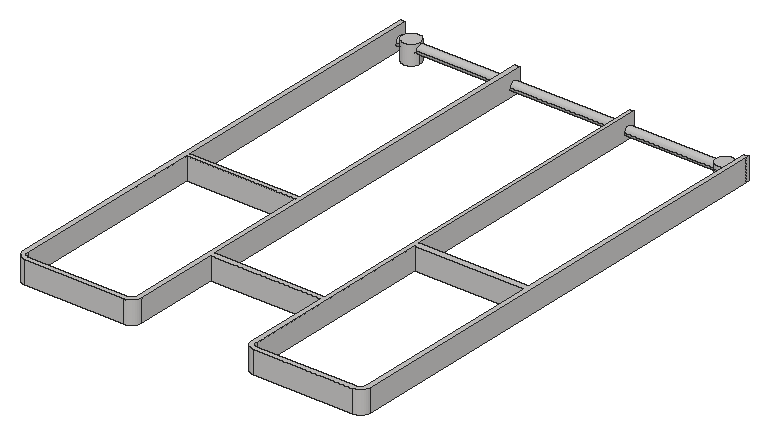
Revit family "PRD_AR_JntrlUnits_SiriusHingedGrate_ZSIRX001", category Plumbing Fixtures, Revit 2018
Family settings
  Round Connector Dimension = Use Diameter
  Part Type = Normal
  OmniClass Number = 23.45.05.00
  OmniClass Title = Sanitary Equipment
  Work Plane-Based = No
  Always vertical = No
  Cut with Voids When Loaded = No
  Shared = Yes
  Room Calculation Point = No
Parameters (values of type "ZSIRX001")
  WarrantyStartDate [instance] = "1900-12-31T23:59:59"
  WarrantyGuarantorParts = "n/a"
  WarrantyGuarantorLabor = "n/a"
  WarrantyDurationUnit = "year"
  WarrantyDurationParts = "n/a"
  WarrantyDurationLabor = "n/a"
  WarrantyDescription = "n/a"
  Version = "1"
  Uniclass2015Version = "Products v1.5"
  Uniclass2015Title = "Janitorial sinks"
  Uniclass2015Code = "Pr_40_20_96_44"
  URL = "www.kwc.com"
  TagNumber [instance] = "n/a"
  SustainabilityPerformance = "n/a"
  Style = "Hinged grate"
  Size = "25 x 310 x 430 mm"
  Shape = "n/a"
  SerialNumber [instance] = "n/a"
  Revision = "n/a"
  ReplacementCost = "n/a"
  ProductInformation = "https://pim.kwc.com/product/2000102678/attachment/datasheet?locale=en"
  NominalWidth = 0 mm
  NominalLength = 430 mm
  NominalHeight = 0 mm
  NominalDepth = 310 mm
  NetWeight = 1.60 kg
  Name = "Sirius hinged grate ZSIRX001"
  NBSTypeID = "n/a"
  NBSReference = "45-35-70/401"
  NBSOfficeMasterTag = "n/a"
  NBSNote = "n/a"
  NBSDescription = "Janitorial units"
  NBSCertification = "n/a"
  ModelReference = "ZSIRX001"
  ModelNumber = "2000102678"
  Model = ModelReference  # "ZSIRX001"
  Material = "stainless steel 1.4301"
  ManufacturerURL = "www.kwc.com"
  ManufacturerName = "KWC Group AG"  # constant formula
  Manufacturer = ManufacturerName  # "KWC Group AG"
  MainColor = "stainless steel"
  InstallationDate [instance] = "1900-12-31T23:59:59"
  IfcExportType = "NOTDEFINED"
  IfcExportAs = "IfcFurnitureType"
  GrossWeight = 4.00 kg
  GrateMaterial = PRD_AR_StainlessSteel_SatinFinished
  Grade = "n/a"
  Finish = "satin finished"
  Features = "stainless steel, 4.00 mm, satin finished, bolt mounting, 25x310x430 mm (WxHxD)"
  ExpectedLife = "n/a"
  DurationUnit = "year"
  Description = "Hinged grate (unfixed) of stainless steel to BS313, BS314, LTJ450 and CA210."
  Constituents = "n/a"
  Color = "stainless steel"
  CodePerformance = "n/a"
  Category = "Pr_40_20_96_44, Janitorial sinks"
  BarCode [instance] = "n/a"
  BIMObjectName = "PRD_AR_JanitorialUnits_SiriusHingedGrate_ZSIRX001"
  Author = "Archispace"  # constant formula
  AssetType = "Fixed"
  AssetIdentifier [instance] = "n/a"
  AccessibilityPerformance = "n/a"
Reference planes
  plane 1 "Center (Front/Back)": y = 0
  plane 2: z = 0
  plane 3 "Center (Left/Right)": x = 0
Forms (mm)
  Extrusion 1, solid, material "PRD_AR_StainlessSteel_SatinFinished" <- "GrateMaterial"
    sketch origin (0, 0, 0) x (1, 0, 0) y (0, 1, 0)
      loop
        arc (-155, -414) -> (-152.364, -420.364) -> (-146, -423) r 9
        line (-146, -423) -> (-58, -423)
        arc (-58, -423) -> (-51.636, -420.364) -> (-49, -414) r 9
        line (-49, -414) -> (-49, -337) -> (49, -337) -> (49, -414)
        arc (49, -414) -> (51.636, -420.364) -> (58, -423) r 9
        line (58, -423) -> (146, -423)
        arc (146, -423) -> (152.364, -420.364) -> (155, -414) r 9
        line (155, -414) -> (155, 4) -> (155, 7) -> (151, 7) -> (151, -233) -> (53, -233) -> (53, 7) -> (49, 7) -> (49, -333) -> (-49, -333) -> (-49, 7) -> (-53, 7) -> (-53, -233) -> (-151, -233) -> (-151, 7) -> (-155, 7) -> (-155, -414)
      loop
        arc (-58, -419) -> (-54.464, -417.536) -> (-53, -414) r 5
        line (-53, -414) -> (-53, -237) -> (-151, -237) -> (-151, -414)
        arc (-151, -414) -> (-149.536, -417.536) -> (-146, -419) r 5
        line (-146, -419) -> (-58, -419)
      loop
        arc (146, -419) -> (149.536, -417.536) -> (151, -414) r 5
        line (151, -414) -> (151, -237) -> (53, -237) -> (53, -414)
        arc (53, -414) -> (54.464, -417.536) -> (58, -419) r 5
        line (58, -419) -> (146, -419)
    from 4 to 24
  Extrusion 2, solid, material "PRD_AR_StainlessSteel_SatinFinished" <- "GrateMaterial", detail levels fine
    sketch origin (0, 0, 0) x (0, 1, 0) y (0, 0, 1)
      loop
        circle (0, 12) r 4
    from -151 to 151
  Extrusion 3, solid, material "PRD_AR_StainlessSteel_SatinFinished" <- "GrateMaterial", detail levels fine
    sketch origin (0, 0, 0) x (1, 0, 0) y (0, 1, 0)
      loop
        circle (-140, 0) r 8
      loop
        circle (140, 0) r 8
    from 0 to 17
Dimensions and locks
  aligned and locked: level to plane 2
Nested families
  nested 1: "PRD_AR_JntrlUnits_SiriusAssemblyHingedGrate_ZSIRX004" at (-4.575, -203, 0), type "ZSIRX004"
    with WarrantyStartDate "1900-12-31T23:59:59", TagNumber "n/a", SerialNumber "n/a", InstallationDate "1900-12-31T23:59:59", BarCode "n/a", AssetIdentifier "n/a"
Definition of nested family "PRD_AR_JntrlUnits_SiriusAssemblyHingedGrate_ZSIRX004"
  Parameters (values of type "ZSIRX004")
    WarrantyStartDate [instance] = "1900-12-31T23:59:59"
    WarrantyGuarantorParts = "n/a"
    WarrantyGuarantorLabor = "n/a"
    WarrantyDurationUnit = "year"
    WarrantyDurationParts = "n/a"
    WarrantyDurationLabor = "n/a"
    WarrantyDescription = "n/a"
    Version = "1"
    Uniclass2015Version = "Products v1.5"
    Uniclass2015Title = "Janitorial sinks"
    Uniclass2015Code = "Pr_40_20_96_44"
    URL = "www.kwc.com"
    TagNumber [instance] = "n/a"
    SustainabilityPerformance = "n/a"
    Style = "Assembly hinged grate"
    Size = "n/a"
    Shape = "n/a"
    SerialNumber [instance] = "n/a"
    Revision = "n/a"
    ReplacementCost = "n/a"
    ProductInformation = "https://pim.kwc.com/product/2000102679/attachment/datasheet?locale=en"
    NominalWidth = 0 mm
    NominalLength = 0 mm
    NominalHeight = 0 mm
    NominalDepth = 0 mm
    NetWeight = 0.00 kg
    Name = "Sirius assembly hinged grate ZSIRX004"
    NBSTypeID = "n/a"
    NBSReference = "45-35-70/401"
    NBSOfficeMasterTag = "n/a"
    NBSNote = "n/a"
    NBSDescription = "Janitorial units"
    NBSCertification = "n/a"
    ModelReference = "ZSIRX004"
    ModelNumber = "2000102679"
    Model = ModelReference  # "ZSIRX004"
    Material = "n/a"
    ManufacturerURL = "www.kwc.com"
    ManufacturerName = "KWC Group AG"  # constant formula
    Manufacturer = ManufacturerName  # "KWC Group AG"
    MainColor = "n/a"
    InstallationDate [instance] = "1900-12-31T23:59:59"
    IfcExportType = "NOTDEFINED"
    IfcExportAs = "IfcFurnitureType"
    GrossWeight = 0.00 kg
    Grade = "n/a"
    Finish = "n/a"
    Features = "assembly hinged grate"
    ExpectedLife = "n/a"
    DurationUnit = "year"
    Description = "Surcharge assembly hinged grate."
    Constituents = "n/a"
    Color = "n/a"
    CodePerformance = "n/a"
    Category = "Pr_40_20_96_44, Janitorial sinks"
    BarCode [instance] = "n/a"
    BIMObjectName = "PRD_AR_JanitorialUnits_SiriusAssemblyHingedGrate_ZSIRX004"
    Author = "Archispace"  # constant formula
    AssetType = "Fixed"
    AssetIdentifier [instance] = "n/a"
    AccessibilityPerformance = "n/a"
  Reference planes
    plane 1 "Center (Front/Back)": y = 0
    plane 2: z = 0
    plane 3 "Center (Left/Right)": x = 0
  Dimensions and locks
    aligned and locked: level to plane 2
